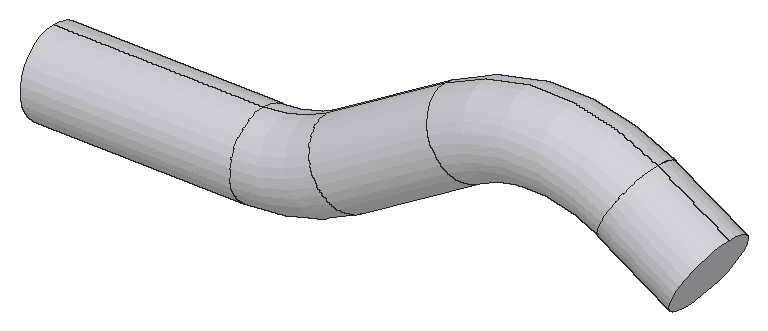
Revit family "RN 55087 Optipress-Therm-Überspringbogen", category Rohrformteile, Revit 2019
Family settings
  Bemaßung runder Anschluss = Durchmesser verwenden
  Teiletyp = Bogen
  OmniClass-Nummer = 23.60.30.11.14
  OmniClass-Titel = Pipework Fittings
  Arbeitsebenenbasiert = Nein
  Immer vertikal = Ja
  Beim Laden mit Abzugskörper schneiden = Nein
  Gemeinsam genutzt = Nein
Parameters (values of type "Var")
  product_index [instance] = size_lookup(RN_tab, "pi", 0, DN1, A)  # 4
  Winkel [instance] = 30.000°  # constant formula
  VdS [instance] = size_lookup(RN_tab, "VdS", 0, DN1, A)  # 1
  Typenkommentare = "Optipress-Therm-Überspringbogen Var"
  Serie [instance] = ""
  RN_tab = "RN_55087"  # constant formula
  RN_VdS [instance] = VdS = 1  # yes
  RN_Serie [instance] = "Optipress therm"  # constant formula
  RN_NPK [instance] = size_lookup(RN_tab, "NPK", 0, DN1, A)  # 252.715
  RN_Mat = Stahl 1.0034
  RN_Manufactur = "R. Nussbaum AG"  # constant formula
  RN_LOD [instance] = "LOD 400"  # constant formula
  RN_EAN [instance] = size_lookup(RN_tab, "EAN", 0, DN1, A)  # 612945672698
  RN_Description [instance] = if(product_index = 1, "Optipress therm Überspringbogen DN12", if(product_index = 2, "Optipress therm Überspringbogen DN15", if(product_index = 3, "Optipress therm Überspringbogen DN20", if(product_index = 4, "Optipress therm Überspringbogen DN25", "0"))))  # "Optipress therm Überspringbogen DN25"
  RN_DN1 [instance] = 25 mm
  RN_Articlenumber [instance] = size_lookup(RN_tab, "ArtNr", 0, DN1, A)  # 55087.25
  L3 [instance] = size_lookup(RN_tab, "L3", 0.000 mm, DN1, A)  # 33.005 mm
  L1l [instance] = if(or(L1 links = L1, L1 links < L1), L1 links, L1)  # 0.000 mm
  L1 links [instance] = 0.000 mm
  L1 [instance] = size_lookup(RN_tab, "L1", 0.000 mm, DN1, A)  # 42.000 mm
  Ht [instance] = H - (Ds1 / 2)  # 38.000 mm
  H [instance] = size_lookup(RN_tab, "H", 0.000 mm, DN1, A)  # 52.000 mm
  L [instance] = size_lookup(RN_tab, "L", 0.000 mm, DN1, A)  # 332.000 mm
  Lh [instance] = L / 2  # 166.000 mm
  URL = "https://www.nussbaum.ch/de/r/optipress-therm-92.html"
  R [instance] = size_lookup(RN_tab, "R", 0.000 mm, DN1, A)  # 56.620 mm
  Modell = "55087.25"
  Hersteller = RN_Manufactur  # "R. Nussbaum AG"
  L2 [instance] = size_lookup(RN_tab, "L2", 0.000 mm, DN1, A)  # 84.500 mm
  IFCExportType = "BEND"  # constant formula
  IFCExportAs = "IfcPipeFitting"  # constant formula
  Ds1 [instance] = size_lookup(RN_tab, "Ds1", 0 mm, DN1, A)  # 28 mm
  DN1 [instance] = size_lookup("RN_DN", "DN", size_lookup("RN_Inch", "DN", 0.000 mm, RN_DN1), RN_DN1)  # 25.000 mm
  Beschreibung = "Überspringbogen"
  Bauelement = "03.01.07.03"
  A [instance] = Winkel  # 30.000°
Reference planes
  plane 1 "Center (Front/Back)": y = 0
  plane 2: z = 0
  plane 3 "Center (Left/Right)": x = 0
  plane 4: x = 332
  plane 5: x = 166
  plane 6: x = 0
  plane 7: x = 332
Forms (mm)
  Sweep 1, solid
    path in 3D
      loop
        line (0, 0, 0) -> (69.84, 0, 0)
        arc (69.84, 0, 0) -> (84.494, 0, 1.929) -> (98.15, 0, 7.586) r 56.62
        line (98.15, 0, 7.586) -> (137.69, 0, 30.414)
        arc (137.69, 0, 30.414) -> (166, 0, 38) -> (194.31, 0, 30.414) r 56.62
        line (194.31, 0, 30.414) -> (218.406, 0, 16.502)
    profile origin (34.92, 0, 0) x (0, 0, 1) y (0, -1, 0)
      loop
        circle (0, 0) r 14
Lines and regions (mm)
  model lines, style "Fittings"
    curve 1: line (98.15, 0, 7.586) -> (137.69, 0, 30.414)
    curve 2: line (194.31, 0, 30.414) -> (218.406, 0, 16.502)
  reference lines
    curve 3: line (0, 0, 7.5) -> (0, 0, -7.5)
    curve 7: line (194.31, 0, 30.414) -> (272.252, 0, -14.586)
    curve 8: line (246.989, 0, 0) -> (332, 0, 0)
  model lines
    curve 4: arc (69.84, 0, 0) -> (84.494, 0, 1.929) -> (98.15, 0, 7.586) r 56.62
    curve 5: line (0, 0, 0) -> (69.84, 0, 0)
    curve 6: arc (137.69, 0, 30.414) -> (166, 0, 38) -> (194.31, 0, 30.414) r 56.62
  sketch lines
    curve 9: line (0, 0, 0) -> (69.84, 0, 0)
    curve 10: arc (69.84, 0, 0) -> (84.494, 0, 1.929) -> (98.15, 0, 7.586) r 56.62
    curve 11: line (98.15, 0, 7.586) -> (137.69, 0, 30.414)
    curve 12: arc (137.69, 0, 30.414) -> (166, 0, 38) -> (194.31, 0, 30.414) r 56.62
    curve 13: line (194.31, 0, 30.414) -> (218.406, 0, 16.502)
Dimensions and locks
  "Lh": plane 5 to plane 3 "Center (Left/Right)"
  "Lh": plane 4 to plane 5
  "L1l": plane 3 "Center (Left/Right)" to plane 6
  "L": plane 4 to plane 3 "Center (Left/Right)"
  "Ht": curve 6 to level
  "L3": curve 2 to curve 8
  "R": radius of curve 4
  "R": radius of curve 6
  "Ds1": diameter of Sweep 1 sketch curve
  "A": angle level to curve 1
  "A": angle curve 2 to level
  aligned and locked: level to plane 2
  aligned and locked: curve 3 to plane 3 "Center (Left/Right)"
  aligned and locked: curve 5 to level
  aligned and locked: plane 6 to curve 5
  aligned and locked: plane 5 to curve 6
Automatic sketch dimensions
  curve 8 to level = 0.000 mm
  curve 8 to plane 4 = 0.000 mm
  plane 5 to curve 7 = 28.310 mm
  curve 7 to level = 14.586 mm
  curve 8 to curve 7 = 25.263 mm
  level to curve 7 = 30.414 mm
  curve 3 to level = 7.500 mm
  level to curve 3 = 7.500 mm
  profile plane to Sweep 1 sketch curve = 0.000 mm
  Sweep 1 sketch curve to profile plane = 0.000 mm
Connectors
  piping at (218.406, 0, 16.502), diameter 25, driven by "DN1"
    settings: on Sweep 1, index 1, connector inside diameter 609.6 mm, connector length 0.000 mm, flow factor 0, pipe flow 0.0 L/s, pressure drop 0.0 Pa, fitting loss kfactor 0, connector angle 0.000°, fixture units 0, engagement length 0.000 mm, angle of deflection 0.000°, flow configuration 0, flow direction 0, fitting loss method 0, system type 28, joint type 0, gender type 0, connector reference index -1, connector utility 0, adjustable connector no, is connector primary yes, connector description ""
  piping at (0, 0, 0), diameter 25, driven by "DN1"
    settings: on Sweep 1, index 2, connector inside diameter 609.6 mm, connector length 0.000 mm, flow factor 0, pipe flow 0.0 L/s, pressure drop 0.0 Pa, fitting loss kfactor 0, connector angle 0.000°, fixture units 0, engagement length 0.000 mm, angle of deflection 0.000°, flow configuration 0, flow direction 0, fitting loss method 0, system type 28, joint type 0, gender type 0, connector reference index -1, connector utility 0, adjustable connector no, is connector primary no, connector description ""
